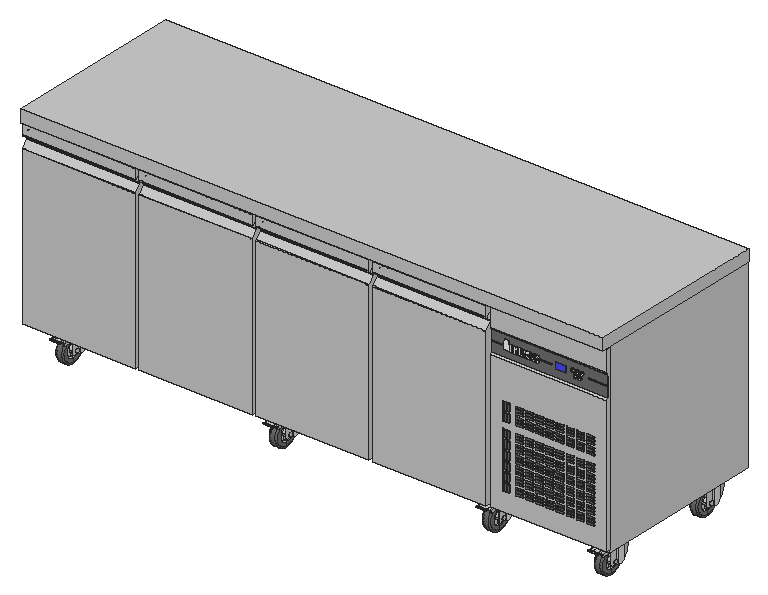
Revit family "QF_INOMAK_PNRP9999_250515103511", category Specialty Equipment, Revit 2021 (continued)
Definition of nested family "QF_INOMAK_REF_COUNTERS_2240_2920"
  Definition of nested family "QF_INOMAK_CONRTOL-PANEL"
    Forms (mm)
      Extrusion 1, solid
        sketch origin (-2240, -700, 0) x (-1, 0, 0) y (0, 0, 1)
          loop
            arc (-2152.4, 210.855) -> (-2155.4, 207.855) -> (-2152.4, 204.855) r 3
            line (-2152.4, 204.855) -> (-2128.4, 204.855)
            arc (-2128.4, 204.855) -> (-2125.4, 207.855) -> (-2128.4, 210.855) r 3
            line (-2128.4, 210.855) -> (-2152.4, 210.855)
          loop
            arc (-2113.4, 210.855) -> (-2116.4, 207.855) -> (-2113.4, 204.855) r 3
            line (-2113.4, 204.855) -> (-2089.4, 204.855)
            arc (-2089.4, 204.855) -> (-2086.4, 207.855) -> (-2089.4, 210.855) r 3
            line (-2089.4, 210.855) -> (-2113.4, 210.855)
          loop
            arc (-2074.4, 210.855) -> (-2077.4, 207.855) -> (-2074.4, 204.855) r 3
            line (-2074.4, 204.855) -> (-2050.4, 204.855)
            arc (-2050.4, 204.855) -> (-2047.4, 207.855) -> (-2050.4, 210.855) r 3
            line (-2050.4, 210.855) -> (-2074.4, 210.855)
          loop
            arc (-2035.4, 210.855) -> (-2038.4, 207.855) -> (-2035.4, 204.855) r 3
            line (-2035.4, 204.855) -> (-2011.4, 204.855)
            arc (-2011.4, 204.855) -> (-2008.4, 207.855) -> (-2011.4, 210.855) r 3
            line (-2011.4, 210.855) -> (-2035.4, 210.855)
          loop
            arc (-1996.4, 210.855) -> (-1999.4, 207.855) -> (-1996.4, 204.855) r 3
            line (-1996.4, 204.855) -> (-1972.4, 204.855)
            arc (-1972.4, 204.855) -> (-1969.4, 207.855) -> (-1972.4, 210.855) r 3
            line (-1972.4, 210.855) -> (-1996.4, 210.855)
          loop
            arc (-1957.4, 210.855) -> (-1960.4, 207.855) -> (-1957.4, 204.855) r 3
            line (-1957.4, 204.855) -> (-1933.4, 204.855)
            arc (-1933.4, 204.855) -> (-1930.4, 207.855) -> (-1933.4, 210.855) r 3
            line (-1933.4, 210.855) -> (-1957.4, 210.855)
          loop
            arc (-1918.4, 210.855) -> (-1921.4, 207.855) -> (-1918.4, 204.855) r 3
            line (-1918.4, 204.855) -> (-1894.4, 204.855)
            arc (-1894.4, 204.855) -> (-1891.4, 207.855) -> (-1894.4, 210.855) r 3
            line (-1894.4, 210.855) -> (-1918.4, 210.855)
          loop
            arc (-2191.4, 199.855) -> (-2194.4, 196.855) -> (-2191.4, 193.855) r 3
            line (-2191.4, 193.855) -> (-2167.4, 193.855)
            arc (-2167.4, 193.855) -> (-2164.4, 196.855) -> (-2167.4, 199.855) r 3
            line (-2167.4, 199.855) -> (-2191.4, 199.855)
          loop
            arc (-2152.4, 199.855) -> (-2155.4, 196.855) -> (-2152.4, 193.855) r 3
            line (-2152.4, 193.855) -> (-2128.4, 193.855)
            arc (-2128.4, 193.855) -> (-2125.4, 196.855) -> (-2128.4, 199.855) r 3
            line (-2128.4, 199.855) -> (-2152.4, 199.855)
          loop
            arc (-2113.4, 199.855) -> (-2116.4, 196.855) -> (-2113.4, 193.855) r 3
            line (-2113.4, 193.855) -> (-2089.4, 193.855)
            arc (-2089.4, 193.855) -> (-2086.4, 196.855) -> (-2089.4, 199.855) r 3
            line (-2089.4, 199.855) -> (-2113.4, 199.855)
          loop
            arc (-2074.4, 199.855) -> (-2077.4, 196.855) -> (-2074.4, 193.855) r 3
            line (-2074.4, 193.855) -> (-2050.4, 193.855)
            arc (-2050.4, 193.855) -> (-2047.4, 196.855) -> (-2050.4, 199.855) r 3
            line (-2050.4, 199.855) -> (-2074.4, 199.855)
          loop
            arc (-2035.4, 199.855) -> (-2038.4, 196.855) -> (-2035.4, 193.855) r 3
            line (-2035.4, 193.855) -> (-2011.4, 193.855)
            arc (-2011.4, 193.855) -> (-2008.4, 196.855) -> (-2011.4, 199.855) r 3
            line (-2011.4, 199.855) -> (-2035.4, 199.855)
          loop
            arc (-1996.4, 199.855) -> (-1999.4, 196.855) -> (-1996.4, 193.855) r 3
            line (-1996.4, 193.855) -> (-1972.4, 193.855)
            arc (-1972.4, 193.855) -> (-1969.4, 196.855) -> (-1972.4, 199.855) r 3
            line (-1972.4, 199.855) -> (-1996.4, 199.855)
          loop
            arc (-1957.4, 199.855) -> (-1960.4, 196.855) -> (-1957.4, 193.855) r 3
            line (-1957.4, 193.855) -> (-1933.4, 193.855)
            arc (-1933.4, 193.855) -> (-1930.4, 196.855) -> (-1933.4, 199.855) r 3
            line (-1933.4, 199.855) -> (-1957.4, 199.855)
          loop
            arc (-1918.4, 199.855) -> (-1921.4, 196.855) -> (-1918.4, 193.855) r 3
            line (-1918.4, 193.855) -> (-1894.4, 193.855)
            arc (-1894.4, 193.855) -> (-1891.4, 196.855) -> (-1894.4, 199.855) r 3
            line (-1894.4, 199.855) -> (-1918.4, 199.855)
          loop
            arc (-2191.4, 184.855) -> (-2194.4, 181.855) -> (-2191.4, 178.855) r 3
            line (-2191.4, 178.855) -> (-2167.4, 178.855)
            arc (-2167.4, 178.855) -> (-2164.4, 181.855) -> (-2167.4, 184.855) r 3
            line (-2167.4, 184.855) -> (-2191.4, 184.855)
          loop
            arc (-2152.4, 184.855) -> (-2155.4, 181.855) -> (-2152.4, 178.855) r 3
            line (-2152.4, 178.855) -> (-2128.4, 178.855)
            arc (-2128.4, 178.855) -> (-2125.4, 181.855) -> (-2128.4, 184.855) r 3
            line (-2128.4, 184.855) -> (-2152.4, 184.855)
          loop
            arc (-2113.4, 184.855) -> (-2116.4, 181.855) -> (-2113.4, 178.855) r 3
            line (-2113.4, 178.855) -> (-2089.4, 178.855)
            arc (-2089.4, 178.855) -> (-2086.4, 181.855) -> (-2089.4, 184.855) r 3
            line (-2089.4, 184.855) -> (-2113.4, 184.855)
          loop
            arc (-2074.4, 184.855) -> (-2077.4, 181.855) -> (-2074.4, 178.855) r 3
            line (-2074.4, 178.855) -> (-2050.4, 178.855)
            arc (-2050.4, 178.855) -> (-2047.4, 181.855) -> (-2050.4, 184.855) r 3
            line (-2050.4, 184.855) -> (-2074.4, 184.855)
          loop
            arc (-2035.4, 184.855) -> (-2038.4, 181.855) -> (-2035.4, 178.855) r 3
            line (-2035.4, 178.855) -> (-2011.4, 178.855)
            arc (-2011.4, 178.855) -> (-2008.4, 181.855) -> (-2011.4, 184.855) r 3
            line (-2011.4, 184.855) -> (-2035.4, 184.855)
          loop
            arc (-1996.4, 184.855) -> (-1999.4, 181.855) -> (-1996.4, 178.855) r 3
            line (-1996.4, 178.855) -> (-1972.4, 178.855)
            arc (-1972.4, 178.855) -> (-1969.4, 181.855) -> (-1972.4, 184.855) r 3
            line (-1972.4, 184.855) -> (-1996.4, 184.855)
          loop
            arc (-1957.4, 184.855) -> (-1960.4, 181.855) -> (-1957.4, 178.855) r 3
            line (-1957.4, 178.855) -> (-1933.4, 178.855)
            arc (-1933.4, 178.855) -> (-1930.4, 181.855) -> (-1933.4, 184.855) r 3
            line (-1933.4, 184.855) -> (-1957.4, 184.855)
          loop
            arc (-1918.4, 184.855) -> (-1921.4, 181.855) -> (-1918.4, 178.855) r 3
            line (-1918.4, 178.855) -> (-1894.4, 178.855)
            arc (-1894.4, 178.855) -> (-1891.4, 181.855) -> (-1894.4, 184.855) r 3
            line (-1894.4, 184.855) -> (-1918.4, 184.855)
          loop
            arc (-2191.4, 173.855) -> (-2194.4, 170.855) -> (-2191.4, 167.855) r 3
            line (-2191.4, 167.855) -> (-2167.4, 167.855)
            arc (-2167.4, 167.855) -> (-2164.4, 170.855) -> (-2167.4, 173.855) r 3
            line (-2167.4, 173.855) -> (-2191.4, 173.855)
          loop
            arc (-2152.4, 173.855) -> (-2155.4, 170.855) -> (-2152.4, 167.855) r 3
            line (-2152.4, 167.855) -> (-2128.4, 167.855)
            arc (-2128.4, 167.855) -> (-2125.4, 170.855) -> (-2128.4, 173.855) r 3
            line (-2128.4, 173.855) -> (-2152.4, 173.855)
          loop
            arc (-2113.4, 173.855) -> (-2116.4, 170.855) -> (-2113.4, 167.855) r 3
            line (-2113.4, 167.855) -> (-2089.4, 167.855)
            arc (-2089.4, 167.855) -> (-2086.4, 170.855) -> (-2089.4, 173.855) r 3
            line (-2089.4, 173.855) -> (-2113.4, 173.855)
          loop
            arc (-2074.4, 173.855) -> (-2077.4, 170.855) -> (-2074.4, 167.855) r 3
            line (-2074.4, 167.855) -> (-2050.4, 167.855)
            arc (-2050.4, 167.855) -> (-2047.4, 170.855) -> (-2050.4, 173.855) r 3
            line (-2050.4, 173.855) -> (-2074.4, 173.855)
          loop
            arc (-2035.4, 173.855) -> (-2038.4, 170.855) -> (-2035.4, 167.855) r 3
            line (-2035.4, 167.855) -> (-2011.4, 167.855)
            arc (-2011.4, 167.855) -> (-2008.4, 170.855) -> (-2011.4, 173.855) r 3
            line (-2011.4, 173.855) -> (-2035.4, 173.855)
          loop
            arc (-1996.4, 173.855) -> (-1999.4, 170.855) -> (-1996.4, 167.855) r 3
            line (-1996.4, 167.855) -> (-1972.4, 167.855)
            arc (-1972.4, 167.855) -> (-1969.4, 170.855) -> (-1972.4, 173.855) r 3
            line (-1972.4, 173.855) -> (-1996.4, 173.855)
          loop
            arc (-1957.4, 173.855) -> (-1960.4, 170.855) -> (-1957.4, 167.855) r 3
            line (-1957.4, 167.855) -> (-1933.4, 167.855)
            arc (-1933.4, 167.855) -> (-1930.4, 170.855) -> (-1933.4, 173.855) r 3
            line (-1933.4, 173.855) -> (-1957.4, 173.855)
          loop
            arc (-1918.4, 173.855) -> (-1921.4, 170.855) -> (-1918.4, 167.855) r 3
            line (-1918.4, 167.855) -> (-1894.4, 167.855)
            arc (-1894.4, 167.855) -> (-1891.4, 170.855) -> (-1894.4, 173.855) r 3
            line (-1894.4, 173.855) -> (-1918.4, 173.855)
          loop
            arc (-2191.4, 162.855) -> (-2194.4, 159.855) -> (-2191.4, 156.855) r 3
            line (-2191.4, 156.855) -> (-2167.4, 156.855)
            arc (-2167.4, 156.855) -> (-2164.4, 159.855) -> (-2167.4, 162.855) r 3
            line (-2167.4, 162.855) -> (-2191.4, 162.855)
          loop
            arc (-2152.4, 162.855) -> (-2155.4, 159.855) -> (-2152.4, 156.855) r 3
            line (-2152.4, 156.855) -> (-2128.4, 156.855)
            arc (-2128.4, 156.855) -> (-2125.4, 159.855) -> (-2128.4, 162.855) r 3
            line (-2128.4, 162.855) -> (-2152.4, 162.855)
          loop
            arc (-2113.4, 162.855) -> (-2116.4, 159.855) -> (-2113.4, 156.855) r 3
            line (-2113.4, 156.855) -> (-2089.4, 156.855)
            arc (-2089.4, 156.855) -> (-2086.4, 159.855) -> (-2089.4, 162.855) r 3
            line (-2089.4, 162.855) -> (-2113.4, 162.855)
          loop
            arc (-2074.4, 162.855) -> (-2077.4, 159.855) -> (-2074.4, 156.855) r 3
            line (-2074.4, 156.855) -> (-2050.4, 156.855)
            arc (-2050.4, 156.855) -> (-2047.4, 159.855) -> (-2050.4, 162.855) r 3
            line (-2050.4, 162.855) -> (-2074.4, 162.855)
          loop
            arc (-2035.4, 162.855) -> (-2038.4, 159.855) -> (-2035.4, 156.855) r 3
            line (-2035.4, 156.855) -> (-2011.4, 156.855)
            arc (-2011.4, 156.855) -> (-2008.4, 159.855) -> (-2011.4, 162.855) r 3
            line (-2011.4, 162.855) -> (-2035.4, 162.855)
          loop
            arc (-1996.4, 162.855) -> (-1999.4, 159.855) -> (-1996.4, 156.855) r 3
            line (-1996.4, 156.855) -> (-1972.4, 156.855)
            arc (-1972.4, 156.855) -> (-1969.4, 159.855) -> (-1972.4, 162.855) r 3
            line (-1972.4, 162.855) -> (-1996.4, 162.855)
          loop
            arc (-1957.4, 162.855) -> (-1960.4, 159.855) -> (-1957.4, 156.855) r 3
            line (-1957.4, 156.855) -> (-1933.4, 156.855)
            arc (-1933.4, 156.855) -> (-1930.4, 159.855) -> (-1933.4, 162.855) r 3
            line (-1933.4, 162.855) -> (-1957.4, 162.855)
          loop
            arc (-1918.4, 162.855) -> (-1921.4, 159.855) -> (-1918.4, 156.855) r 3
            line (-1918.4, 156.855) -> (-1894.4, 156.855)
            arc (-1894.4, 156.855) -> (-1891.4, 159.855) -> (-1894.4, 162.855) r 3
            line (-1894.4, 162.855) -> (-1918.4, 162.855)
          loop
            arc (-2191.4, 147.855) -> (-2194.4, 144.855) -> (-2191.4, 141.855) r 3
            line (-2191.4, 141.855) -> (-2167.4, 141.855)
            arc (-2167.4, 141.855) -> (-2164.4, 144.855) -> (-2167.4, 147.855) r 3
            line (-2167.4, 147.855) -> (-2191.4, 147.855)
          loop
            arc (-2152.4, 147.855) -> (-2155.4, 144.855) -> (-2152.4, 141.855) r 3
            line (-2152.4, 141.855) -> (-2128.4, 141.855)
            arc (-2128.4, 141.855) -> (-2125.4, 144.855) -> (-2128.4, 147.855) r 3
            line (-2128.4, 147.855) -> (-2152.4, 147.855)
          loop
            arc (-2113.4, 147.855) -> (-2116.4, 144.855) -> (-2113.4, 141.855) r 3
            line (-2113.4, 141.855) -> (-2089.4, 141.855)
            arc (-2089.4, 141.855) -> (-2086.4, 144.855) -> (-2089.4, 147.855) r 3
            line (-2089.4, 147.855) -> (-2113.4, 147.855)
          loop
            arc (-2074.4, 147.855) -> (-2077.4, 144.855) -> (-2074.4, 141.855) r 3
            line (-2074.4, 141.855) -> (-2050.4, 141.855)
            arc (-2050.4, 141.855) -> (-2047.4, 144.855) -> (-2050.4, 147.855) r 3
            line (-2050.4, 147.855) -> (-2074.4, 147.855)
          loop
            arc (-2035.4, 147.855) -> (-2038.4, 144.855) -> (-2035.4, 141.855) r 3
            line (-2035.4, 141.855) -> (-2011.4, 141.855)
            arc (-2011.4, 141.855) -> (-2008.4, 144.855) -> (-2011.4, 147.855) r 3
            line (-2011.4, 147.855) -> (-2035.4, 147.855)
          loop
            arc (-1996.4, 147.855) -> (-1999.4, 144.855) -> (-1996.4, 141.855) r 3
            line (-1996.4, 141.855) -> (-1972.4, 141.855)
            arc (-1972.4, 141.855) -> (-1969.4, 144.855) -> (-1972.4, 147.855) r 3
            line (-1972.4, 147.855) -> (-1996.4, 147.855)
          loop
            arc (-1957.4, 147.855) -> (-1960.4, 144.855) -> (-1957.4, 141.855) r 3
            line (-1957.4, 141.855) -> (-1933.4, 141.855)
            arc (-1933.4, 141.855) -> (-1930.4, 144.855) -> (-1933.4, 147.855) r 3
            line (-1933.4, 147.855) -> (-1957.4, 147.855)
          loop
            arc (-1918.4, 147.855) -> (-1921.4, 144.855) -> (-1918.4, 141.855) r 3
            line (-1918.4, 141.855) -> (-1894.4, 141.855)
            arc (-1894.4, 141.855) -> (-1891.4, 144.855) -> (-1894.4, 147.855) r 3
            line (-1894.4, 147.855) -> (-1918.4, 147.855)
          loop
            arc (-2191.4, 136.855) -> (-2194.4, 133.855) -> (-2191.4, 130.855) r 3
            line (-2191.4, 130.855) -> (-2167.4, 130.855)
            arc (-2167.4, 130.855) -> (-2164.4, 133.855) -> (-2167.4, 136.855) r 3
            line (-2167.4, 136.855) -> (-2191.4, 136.855)
          loop
            arc (-2152.4, 136.855) -> (-2155.4, 133.855) -> (-2152.4, 130.855) r 3
            line (-2152.4, 130.855) -> (-2128.4, 130.855)
            arc (-2128.4, 130.855) -> (-2125.4, 133.855) -> (-2128.4, 136.855) r 3
            line (-2128.4, 136.855) -> (-2152.4, 136.855)
          loop
            arc (-2113.4, 136.855) -> (-2116.4, 133.855) -> (-2113.4, 130.855) r 3
            line (-2113.4, 130.855) -> (-2089.4, 130.855)
            arc (-2089.4, 130.855) -> (-2086.4, 133.855) -> (-2089.4, 136.855) r 3
            line (-2089.4, 136.855) -> (-2113.4, 136.855)
          loop
            arc (-2074.4, 136.855) -> (-2077.4, 133.855) -> (-2074.4, 130.855) r 3
            line (-2074.4, 130.855) -> (-2050.4, 130.855)
            arc (-2050.4, 130.855) -> (-2047.4, 133.855) -> (-2050.4, 136.855) r 3
            line (-2050.4, 136.855) -> (-2074.4, 136.855)
          loop
            arc (-2035.4, 136.855) -> (-2038.4, 133.855) -> (-2035.4, 130.855) r 3
            line (-2035.4, 130.855) -> (-2011.4, 130.855)
            arc (-2011.4, 130.855) -> (-2008.4, 133.855) -> (-2011.4, 136.855) r 3
            line (-2011.4, 136.855) -> (-2035.4, 136.855)
          loop
            arc (-1996.4, 136.855) -> (-1999.4, 133.855) -> (-1996.4, 130.855) r 3
            line (-1996.4, 130.855) -> (-1972.4, 130.855)
            arc (-1972.4, 130.855) -> (-1969.4, 133.855) -> (-1972.4, 136.855) r 3
            line (-1972.4, 136.855) -> (-1996.4, 136.855)
          loop
            arc (-1957.4, 136.855) -> (-1960.4, 133.855) -> (-1957.4, 130.855) r 3
            line (-1957.4, 130.855) -> (-1933.4, 130.855)
            arc (-1933.4, 130.855) -> (-1930.4, 133.855) -> (-1933.4, 136.855) r 3
            line (-1933.4, 136.855) -> (-1957.4, 136.855)
          loop
            arc (-1918.4, 136.855) -> (-1921.4, 133.855) -> (-1918.4, 130.855) r 3
            line (-1918.4, 130.855) -> (-1894.4, 130.855)
            arc (-1894.4, 130.855) -> (-1891.4, 133.855) -> (-1894.4, 136.855) r 3
            line (-1894.4, 136.855) -> (-1918.4, 136.855)
          loop
            arc (-2191.4, 125.855) -> (-2194.4, 122.855) -> (-2191.4, 119.855) r 3
            line (-2191.4, 119.855) -> (-2167.4, 119.855)
            arc (-2167.4, 119.855) -> (-2164.4, 122.855) -> (-2167.4, 125.855) r 3
            line (-2167.4, 125.855) -> (-2191.4, 125.855)
          loop
            arc (-2152.4, 125.855) -> (-2155.4, 122.855) -> (-2152.4, 119.855) r 3
            line (-2152.4, 119.855) -> (-2128.4, 119.855)
            arc (-2128.4, 119.855) -> (-2125.4, 122.855) -> (-2128.4, 125.855) r 3
            line (-2128.4, 125.855) -> (-2152.4, 125.855)
          loop
            arc (-2113.4, 125.855) -> (-2116.4, 122.855) -> (-2113.4, 119.855) r 3
            line (-2113.4, 119.855) -> (-2089.4, 119.855)
            arc (-2089.4, 119.855) -> (-2086.4, 122.855) -> (-2089.4, 125.855) r 3
            line (-2089.4, 125.855) -> (-2113.4, 125.855)
          loop
            arc (-2074.4, 125.855) -> (-2077.4, 122.855) -> (-2074.4, 119.855) r 3
            line (-2074.4, 119.855) -> (-2050.4, 119.855)
            arc (-2050.4, 119.855) -> (-2047.4, 122.855) -> (-2050.4, 125.855) r 3
            line (-2050.4, 125.855) -> (-2074.4, 125.855)
          loop
            arc (-2035.4, 125.855) -> (-2038.4, 122.855) -> (-2035.4, 119.855) r 3
            line (-2035.4, 119.855) -> (-2011.4, 119.855)
            arc (-2011.4, 119.855) -> (-2008.4, 122.855) -> (-2011.4, 125.855) r 3
            line (-2011.4, 125.855) -> (-2035.4, 125.855)
          loop
            arc (-1996.4, 125.855) -> (-1999.4, 122.855) -> (-1996.4, 119.855) r 3
            line (-1996.4, 119.855) -> (-1972.4, 119.855)
            arc (-1972.4, 119.855) -> (-1969.4, 122.855) -> (-1972.4, 125.855) r 3
            line (-1972.4, 125.855) -> (-1996.4, 125.855)
          loop
            arc (-1957.4, 125.855) -> (-1960.4, 122.855) -> (-1957.4, 119.855) r 3
            line (-1957.4, 119.855) -> (-1933.4, 119.855)
            arc (-1933.4, 119.855) -> (-1930.4, 122.855) -> (-1933.4, 125.855) r 3
            line (-1933.4, 125.855) -> (-1957.4, 125.855)
          loop
            arc (-1918.4, 125.855) -> (-1921.4, 122.855) -> (-1918.4, 119.855) r 3
            line (-1918.4, 119.855) -> (-1894.4, 119.855)
            arc (-1894.4, 119.855) -> (-1891.4, 122.855) -> (-1894.4, 125.855) r 3
            line (-1894.4, 125.855) -> (-1918.4, 125.855)
          loop
            arc (-2191.4, 110.855) -> (-2194.4, 107.855) -> (-2191.4, 104.855) r 3
            line (-2191.4, 104.855) -> (-2167.4, 104.855)
            arc (-2167.4, 104.855) -> (-2164.4, 107.855) -> (-2167.4, 110.855) r 3
            line (-2167.4, 110.855) -> (-2191.4, 110.855)
          loop
            arc (-2152.4, 110.855) -> (-2155.4, 107.855) -> (-2152.4, 104.855) r 3
            line (-2152.4, 104.855) -> (-2128.4, 104.855)
            arc (-2128.4, 104.855) -> (-2125.4, 107.855) -> (-2128.4, 110.855) r 3
            line (-2128.4, 110.855) -> (-2152.4, 110.855)
          loop
            arc (-2113.4, 110.855) -> (-2116.4, 107.855) -> (-2113.4, 104.855) r 3
            line (-2113.4, 104.855) -> (-2089.4, 104.855)
            arc (-2089.4, 104.855) -> (-2086.4, 107.855) -> (-2089.4, 110.855) r 3
            line (-2089.4, 110.855) -> (-2113.4, 110.855)
          loop
            arc (-2074.4, 110.855) -> (-2077.4, 107.855) -> (-2074.4, 104.855) r 3
            line (-2074.4, 104.855) -> (-2050.4, 104.855)
            arc (-2050.4, 104.855) -> (-2047.4, 107.855) -> (-2050.4, 110.855) r 3
            line (-2050.4, 110.855) -> (-2074.4, 110.855)
          loop
            arc (-2035.4, 110.855) -> (-2038.4, 107.855) -> (-2035.4, 104.855) r 3
            line (-2035.4, 104.855) -> (-2011.4, 104.855)
            arc (-2011.4, 104.855) -> (-2008.4, 107.855) -> (-2011.4, 110.855) r 3
            line (-2011.4, 110.855) -> (-2035.4, 110.855)
          loop
            arc (-1996.4, 110.855) -> (-1999.4, 107.855) -> (-1996.4, 104.855) r 3
            line (-1996.4, 104.855) -> (-1972.4, 104.855)
            arc (-1972.4, 104.855) -> (-1969.4, 107.855) -> (-1972.4, 110.855) r 3
            line (-1972.4, 110.855) -> (-1996.4, 110.855)
          loop
            arc (-1957.4, 110.855) -> (-1960.4, 107.855) -> (-1957.4, 104.855) r 3
            line (-1957.4, 104.855) -> (-1933.4, 104.855)
            arc (-1933.4, 104.855) -> (-1930.4, 107.855) -> (-1933.4, 110.855) r 3
            line (-1933.4, 110.855) -> (-1957.4, 110.855)
          loop
            arc (-1918.4, 110.855) -> (-1921.4, 107.855) -> (-1918.4, 104.855) r 3
            line (-1918.4, 104.855) -> (-1894.4, 104.855)
            arc (-1894.4, 104.855) -> (-1891.4, 107.855) -> (-1894.4, 110.855) r 3
            line (-1894.4, 110.855) -> (-1918.4, 110.855)
          loop
            arc (-2191.4, 99.855) -> (-2194.4, 96.855) -> (-2191.4, 93.855) r 3
            line (-2191.4, 93.855) -> (-2167.4, 93.855)
            arc (-2167.4, 93.855) -> (-2164.4, 96.855) -> (-2167.4, 99.855) r 3
            line (-2167.4, 99.855) -> (-2191.4, 99.855)
          loop
            arc (-2152.4, 99.855) -> (-2155.4, 96.855) -> (-2152.4, 93.855) r 3
            line (-2152.4, 93.855) -> (-2128.4, 93.855)
            arc (-2128.4, 93.855) -> (-2125.4, 96.855) -> (-2128.4, 99.855) r 3
            line (-2128.4, 99.855) -> (-2152.4, 99.855)
          loop
            arc (-2113.4, 99.855) -> (-2116.4, 96.855) -> (-2113.4, 93.855) r 3
            line (-2113.4, 93.855) -> (-2089.4, 93.855)
            arc (-2089.4, 93.855) -> (-2086.4, 96.855) -> (-2089.4, 99.855) r 3
            line (-2089.4, 99.855) -> (-2113.4, 99.855)
          loop
            arc (-2074.4, 99.855) -> (-2077.4, 96.855) -> (-2074.4, 93.855) r 3
            line (-2074.4, 93.855) -> (-2050.4, 93.855)
            arc (-2050.4, 93.855) -> (-2047.4, 96.855) -> (-2050.4, 99.855) r 3
            line (-2050.4, 99.855) -> (-2074.4, 99.855)
          loop
            arc (-2035.4, 99.855) -> (-2038.4, 96.855) -> (-2035.4, 93.855) r 3
            line (-2035.4, 93.855) -> (-2011.4, 93.855)
            arc (-2011.4, 93.855) -> (-2008.4, 96.855) -> (-2011.4, 99.855) r 3
            line (-2011.4, 99.855) -> (-2035.4, 99.855)
          loop
            arc (-1996.4, 99.855) -> (-1999.4, 96.855) -> (-1996.4, 93.855) r 3
            line (-1996.4, 93.855) -> (-1972.4, 93.855)
            arc (-1972.4, 93.855) -> (-1969.4, 96.855) -> (-1972.4, 99.855) r 3
            line (-1972.4, 99.855) -> (-1996.4, 99.855)
          loop
            arc (-1957.4, 99.855) -> (-1960.4, 96.855) -> (-1957.4, 93.855) r 3
            line (-1957.4, 93.855) -> (-1933.4, 93.855)
            arc (-1933.4, 93.855) -> (-1930.4, 96.855) -> (-1933.4, 99.855) r 3
            line (-1933.4, 99.855) -> (-1957.4, 99.855)
          loop
            arc (-1918.4, 99.855) -> (-1921.4, 96.855) -> (-1918.4, 93.855) r 3
            line (-1918.4, 93.855) -> (-1894.4, 93.855)
            arc (-1894.4, 93.855) -> (-1891.4, 96.855) -> (-1894.4, 99.855) r 3
            line (-1894.4, 99.855) -> (-1918.4, 99.855)
          loop
            arc (-2191.4, 88.855) -> (-2194.4, 85.855) -> (-2191.4, 82.855) r 3
            line (-2191.4, 82.855) -> (-2167.4, 82.855)
            arc (-2167.4, 82.855) -> (-2164.4, 85.855) -> (-2167.4, 88.855) r 3
            line (-2167.4, 88.855) -> (-2191.4, 88.855)
          loop
            arc (-2152.4, 88.855) -> (-2155.4, 85.855) -> (-2152.4, 82.855) r 3
            line (-2152.4, 82.855) -> (-2128.4, 82.855)
            arc (-2128.4, 82.855) -> (-2125.4, 85.855) -> (-2128.4, 88.855) r 3
            line (-2128.4, 88.855) -> (-2152.4, 88.855)
          loop
            arc (-2113.4, 88.855) -> (-2116.4, 85.855) -> (-2113.4, 82.855) r 3
            line (-2113.4, 82.855) -> (-2089.4, 82.855)
            arc (-2089.4, 82.855) -> (-2086.4, 85.855) -> (-2089.4, 88.855) r 3
            line (-2089.4, 88.855) -> (-2113.4, 88.855)
          loop
            arc (-2074.4, 88.855) -> (-2077.4, 85.855) -> (-2074.4, 82.855) r 3
            line (-2074.4, 82.855) -> (-2050.4, 82.855)
            arc (-2050.4, 82.855) -> (-2047.4, 85.855) -> (-2050.4, 88.855) r 3
            line (-2050.4, 88.855) -> (-2074.4, 88.855)
          loop
            arc (-2035.4, 88.855) -> (-2038.4, 85.855) -> (-2035.4, 82.855) r 3
            line (-2035.4, 82.855) -> (-2011.4, 82.855)
            arc (-2011.4, 82.855) -> (-2008.4, 85.855) -> (-2011.4, 88.855) r 3
            line (-2011.4, 88.855) -> (-2035.4, 88.855)
          loop
            arc (-1996.4, 88.855) -> (-1999.4, 85.855) -> (-1996.4, 82.855) r 3
            line (-1996.4, 82.855) -> (-1972.4, 82.855)
            arc (-1972.4, 82.855) -> (-1969.4, 85.855) -> (-1972.4, 88.855) r 3
            line (-1972.4, 88.855) -> (-1996.4, 88.855)
          loop
            arc (-1957.4, 88.855) -> (-1960.4, 85.855) -> (-1957.4, 82.855) r 3
            line (-1957.4, 82.855) -> (-1933.4, 82.855)
            arc (-1933.4, 82.855) -> (-1930.4, 85.855) -> (-1933.4, 88.855) r 3
            line (-1933.4, 88.855) -> (-1957.4, 88.855)
          loop
            arc (-1918.4, 88.855) -> (-1921.4, 85.855) -> (-1918.4, 82.855) r 3
            line (-1918.4, 82.855) -> (-1894.4, 82.855)
            arc (-1894.4, 82.855) -> (-1891.4, 85.855) -> (-1894.4, 88.855) r 3
            line (-1894.4, 88.855) -> (-1918.4, 88.855)
          loop
            arc (-1840.4, 387.855) -> (-1843.4, 390.855) -> (-1846.4, 387.855) r 3
            line (-1846.4, 387.855) -> (-1846.4, 363.855)
            arc (-1846.4, 363.855) -> (-1843.4, 360.855) -> (-1840.4, 363.855) r 3
            line (-1840.4, 363.855) -> (-1840.4, 387.855)
          loop
            arc (-1851.4, 387.855) -> (-1854.4, 390.855) -> (-1857.4, 387.855) r 3
            line (-1857.4, 387.855) -> (-1857.4, 363.855)
            arc (-1857.4, 363.855) -> (-1854.4, 360.855) -> (-1851.4, 363.855) r 3
            line (-1851.4, 363.855) -> (-1851.4, 387.855)
          loop
            arc (-1862.4, 387.855) -> (-1865.4, 390.855) -> (-1868.4, 387.855) r 3
            line (-1868.4, 387.855) -> (-1868.4, 363.855)
            arc (-1868.4, 363.855) -> (-1865.4, 360.855) -> (-1862.4, 363.855) r 3
            line (-1862.4, 363.855) -> (-1862.4, 387.855)
          loop
            arc (-1840.4, 350.855) -> (-1843.4, 353.855) -> (-1846.4, 350.855) r 3
            line (-1846.4, 350.855) -> (-1846.4, 326.855)
            arc (-1846.4, 326.855) -> (-1843.4, 323.855) -> (-1840.4, 326.855) r 3
            line (-1840.4, 326.855) -> (-1840.4, 350.855)
          loop
            arc (-1851.4, 350.855) -> (-1854.4, 353.855) -> (-1857.4, 350.855) r 3
            line (-1857.4, 350.855) -> (-1857.4, 326.855)
            arc (-1857.4, 326.855) -> (-1854.4, 323.855) -> (-1851.4, 326.855) r 3
            line (-1851.4, 326.855) -> (-1851.4, 350.855)
          loop
            arc (-1862.4, 350.855) -> (-1865.4, 353.855) -> (-1868.4, 350.855) r 3
            line (-1868.4, 350.855) -> (-1868.4, 326.855)
            arc (-1868.4, 326.855) -> (-1865.4, 323.855) -> (-1862.4, 326.855) r 3
            line (-1862.4, 326.855) -> (-1862.4, 350.855)
          loop
            arc (-1840.4, 293.855) -> (-1843.4, 296.855) -> (-1846.4, 293.855) r 3
            line (-1846.4, 293.855) -> (-1846.4, 269.855)
            arc (-1846.4, 269.855) -> (-1843.4, 266.855) -> (-1840.4, 269.855) r 3
            line (-1840.4, 269.855) -> (-1840.4, 293.855)
          loop
            arc (-1851.4, 293.855) -> (-1854.4, 296.855) -> (-1857.4, 293.855) r 3
            line (-1857.4, 293.855) -> (-1857.4, 269.855)
            arc (-1857.4, 269.855) -> (-1854.4, 266.855) -> (-1851.4, 269.855) r 3
            line (-1851.4, 269.855) -> (-1851.4, 293.855)
          loop
            arc (-1862.4, 293.855) -> (-1865.4, 296.855) -> (-1868.4, 293.855) r 3
            line (-1868.4, 293.855) -> (-1868.4, 269.855)
            arc (-1868.4, 269.855) -> (-1865.4, 266.855) -> (-1862.4, 269.855) r 3
            line (-1862.4, 269.855) -> (-1862.4, 293.855)
          loop
            arc (-1840.4, 256.855) -> (-1843.4, 259.855) -> (-1846.4, 256.855) r 3
            line (-1846.4, 256.855) -> (-1846.4, 232.855)
            arc (-1846.4, 232.855) -> (-1843.4, 229.855) -> (-1840.4, 232.855) r 3
            line (-1840.4, 232.855) -> (-1840.4, 256.855)
          loop
            arc (-1851.4, 256.855) -> (-1854.4, 259.855) -> (-1857.4, 256.855) r 3
            line (-1857.4, 256.855) -> (-1857.4, 232.855)
            arc (-1857.4, 232.855) -> (-1854.4, 229.855) -> (-1851.4, 232.855) r 3
            line (-1851.4, 232.855) -> (-1851.4, 256.855)
          loop
            arc (-1862.4, 256.855) -> (-1865.4, 259.855) -> (-1868.4, 256.855) r 3
            line (-1868.4, 256.855) -> (-1868.4, 232.855)
            arc (-1868.4, 232.855) -> (-1865.4, 229.855) -> (-1862.4, 232.855) r 3
            line (-1862.4, 232.855) -> (-1862.4, 256.855)
          loop
            arc (-1840.4, 219.855) -> (-1843.4, 222.855) -> (-1846.4, 219.855) r 3
            line (-1846.4, 219.855) -> (-1846.4, 195.855)
            arc (-1846.4, 195.855) -> (-1843.4, 192.855) -> (-1840.4, 195.855) r 3
            line (-1840.4, 195.855) -> (-1840.4, 219.855)
          loop
            arc (-1851.4, 219.855) -> (-1854.4, 222.855) -> (-1857.4, 219.855) r 3
            line (-1857.4, 219.855) -> (-1857.4, 195.855)
            arc (-1857.4, 195.855) -> (-1854.4, 192.855) -> (-1851.4, 195.855) r 3
            line (-1851.4, 195.855) -> (-1851.4, 219.855)
          loop
            arc (-1862.4, 219.855) -> (-1865.4, 222.855) -> (-1868.4, 219.855) r 3
            line (-1868.4, 219.855) -> (-1868.4, 195.855)
            arc (-1868.4, 195.855) -> (-1865.4, 192.855) -> (-1862.4, 195.855) r 3
            line (-1862.4, 195.855) -> (-1862.4, 219.855)
          loop
            arc (-1840.4, 182.855) -> (-1843.4, 185.855) -> (-1846.4, 182.855) r 3
            line (-1846.4, 182.855) -> (-1846.4, 158.855)
            arc (-1846.4, 158.855) -> (-1843.4, 155.855) -> (-1840.4, 158.855) r 3
            line (-1840.4, 158.855) -> (-1840.4, 182.855)
          loop
            arc (-1851.4, 182.855) -> (-1854.4, 185.855) -> (-1857.4, 182.855) r 3
            line (-1857.4, 182.855) -> (-1857.4, 158.855)
            arc (-1857.4, 158.855) -> (-1854.4, 155.855) -> (-1851.4, 158.855) r 3
            line (-1851.4, 158.855) -> (-1851.4, 182.855)
          loop
            arc (-1862.4, 182.855) -> (-1865.4, 185.855) -> (-1868.4, 182.855) r 3
            line (-1868.4, 182.855) -> (-1868.4, 158.855)
            arc (-1868.4, 158.855) -> (-1865.4, 155.855) -> (-1862.4, 158.855) r 3
            line (-1862.4, 158.855) -> (-1862.4, 182.855)
          loop
            arc (-1840.4, 145.855) -> (-1843.4, 148.855) -> (-1846.4, 145.855) r 3
            line (-1846.4, 145.855) -> (-1846.4, 121.855)
            arc (-1846.4, 121.855) -> (-1843.4, 118.855) -> (-1840.4, 121.855) r 3
            line (-1840.4, 121.855) -> (-1840.4, 145.855)
          loop
            arc (-1851.4, 145.855) -> (-1854.4, 148.855) -> (-1857.4, 145.855) r 3
            line (-1857.4, 145.855) -> (-1857.4, 121.855)
            arc (-1857.4, 121.855) -> (-1854.4, 118.855) -> (-1851.4, 121.855) r 3
            line (-1851.4, 121.855) -> (-1851.4, 145.855)
          loop
            arc (-1862.4, 145.855) -> (-1865.4, 148.855) -> (-1868.4, 145.855) r 3
            line (-1868.4, 145.855) -> (-1868.4, 121.855)
            arc (-1868.4, 121.855) -> (-1865.4, 118.855) -> (-1862.4, 121.855) r 3
            line (-1862.4, 121.855) -> (-1862.4, 145.855)
          loop
            arc (-1840.4, 108.855) -> (-1843.4, 111.855) -> (-1846.4, 108.855) r 3
            line (-1846.4, 108.855) -> (-1846.4, 84.855)
            arc (-1846.4, 84.855) -> (-1843.4, 81.855) -> (-1840.4, 84.855) r 3
            line (-1840.4, 84.855) -> (-1840.4, 108.855)
          loop
            arc (-1851.4, 108.855) -> (-1854.4, 111.855) -> (-1857.4, 108.855) r 3
            line (-1857.4, 108.855) -> (-1857.4, 84.855)
            arc (-1857.4, 84.855) -> (-1854.4, 81.855) -> (-1851.4, 84.855) r 3
            line (-1851.4, 84.855) -> (-1851.4, 108.855)
          loop
            arc (-1862.4, 108.855) -> (-1865.4, 111.855) -> (-1868.4, 108.855) r 3
            line (-1868.4, 108.855) -> (-1868.4, 84.855)
            arc (-1868.4, 84.855) -> (-1865.4, 81.855) -> (-1862.4, 84.855) r 3
            line (-1862.4, 84.855) -> (-1862.4, 108.855)
        from 16.5 to 19
    Dimensions and locks
      "Length": plane 3 "Left" to plane 4 "Right"
      "Depth": plane 5 "Front" to plane 1 "Back"
      "Front offset": plane 7 "Front offset" to plane 5 "Front"
      "Height": plane 6 "Top" to plane 2
      aligned and locked: level to plane 2
    Automatic sketch dimensions
      plane 4 "Right" to Extrusion 1 sketch curve = 48.6 mm  (x3)
      Extrusion 1 sketch curve to Extrusion 1 sketch curve = 0 mm  (x322)
      Extrusion 1 sketch curve to Extrusion 1 sketch curve = 24 mm  (x53)
      Extrusion 1 sketch curve to Extrusion 1 sketch curve = 15 mm  (x52)
      Extrusion 1 sketch curve to Extrusion 1 sketch curve = 26 mm  (x7)
      Extrusion 1 sketch curve to Extrusion 1 sketch curve = 3 mm  (x216)
      Extrusion 1 sketch curve to Extrusion 1 sketch curve = 5 mm  (x144)
      level to Extrusion 1 sketch curve = 82.855 mm  (x2)
      Extrusion 1 sketch curve to Extrusion 1 sketch curve = 2 mm
      Extrusion 1 sketch curve to Extrusion 1 sketch curve = 9 mm  (x48)
      Extrusion 1 sketch curve to Extrusion 1 sketch curve = 13 mm  (x9)
      Extrusion 1 sketch curve to Extrusion 1 sketch curve = 29 mm  (x6)
      Extrusion 1 sketch curve to Extrusion 1 sketch curve = 33 mm
Definition of nested family "QF_INOMAK_REF_COUNTERS_DOORS_DRAWERS_6956"
  Parameters (values of type "DR-LX-710")
    Weight [instance] = 0.00 kg
    Warranty Start Date [instance] = ""
    Warranty Duration [instance] = ""
    URL Cutsheet [instance] = ""
    URL = "www.inomak.com"
    Top inset [instance] = 10 mm
    Technical Documentation [instance] = ""
    Tag Number [instance] = ""
    Status [instance] = ""
    Specification by User [instance] = ""
    Specification by Manufacturer [instance] = ""
    Sound Level [instance] = ""
    Solid Fuel Type [instance] = ""
    Show Logo [instance] = yes
    Show Clearances [instance] = yes
    Service Life Duration [instance] = ""
    Serial Number [instance] = ""
    Seismic Rating [instance] = ""
    SMACNA No [instance] = ""
    Right panel thickness [instance] = 0 mm
    Revision Code [instance] = ""
    Revision [instance] = ""
    Rear inset [instance] = 0 mm
    Production Year [instance] = ""
    Point Load [instance] = 0
    Plinth height [instance] = 0 mm
    Other Equipment Approvals [instance] = ""
    NAFEM Spec ID Number [instance] = ""
    Model Warning [instance] = ""
    Model = "DR-LX-710"
    Masterspec [instance] = ""
    Manufacturer = "INOMAK"
    Length Actual [instance] = 435 mm
    Left panel thickness [instance] = 0 mm
    Item Number [instance] = ""
    Installed By [instance] = ""
    Installation Date [instance] = ""
    Identify Quantity as Lot [instance] = yes
    ID [instance] = ""
    Hygiene Approval [instance] = ""
    Height Actual [instance] = 710 mm
    Furnished By [instance] = ""
    Front inset [instance] = 10 mm
    Foodservice Equipment Identifier [instance] = yes
    Finish [instance] = none
    ETL Approved [instance] = yes
    Doors drawers type [instance] = 8
    Description = "LEFT HINGED DOOR"
    Depth Actual [instance] = 700 mm
    Default Elevation = 0 mm
    CSI MasterFormat [instance] = ""
    CE Approved [instance] = yes
    Bottom inset [instance] = 10 mm
    Barcode [instance] = ""
    Author [instance] = ""
    Asset Identifier [instance] = ""
    Assembly Code = "E1090320"
    Accessory [instance] = yes
  Types (9, lengths in mm): name | Model | Height Actual | Doors drawers type | Description
    DW-2-710 | "DW-2-710" | 710 | 4 | "2 X GN 1/2 DRAWERS"
    DR-LX-710 | "DR-LX-710" | 710 | 8 | "LEFT HINGED DOOR"
    DR-RX-710 | "DR-RX-710" | 710 | 9 | "RIGHT HINGED DOOR"
    DW-3-710 | "DW-3-710" | 710 | 6 | "3 X GN 1/3 DRAWERS"
    DW-B-710 | "DW-B-710" | 710 | 5 | "1 X GN 1/3 & 1 X GN 2/3 DRAWERS"
    DW-2-483 | "DW-2-483" | 483 | 4 | "2 X GN 1/3 DRAWERS"
    DR-LX-483 | "DR-LX-483" | 483 | 8 | "LEFT HINGED DOOR"
    DR-RX-483 | "DR-RX-483" | 483 | 9 | "RIGHT HINGED DOOR"
    DW-1-483 | "DW-1-483" | 483 | 10 | "1 X GN 2/3 DRAWER"
  Reference planes
    plane 1 "Front": y = 0
    plane 2: z = 0
    plane 3 "Left": x = 0
    plane 4 "Right": x = 435
    plane 5 "Back": y = 700
    plane 6 "Top": z = 710
    plane 7 "Bottom shelf": z = 0
    plane 8: z = 700
    plane 9: z = 10
    plane 10: x = 0
    plane 11: x = 435
    plane 12 "Center Top Bottom": z = 355
  Lines and regions (mm)
    reference lines
      curve 1: line (0, 0, 355) -> (0, 25, 355)
      curve 2: line (435, 0, 355) -> (435, 25, 355)
      curve 3: line (0, 700, 355) -> (435, 700, 355)
      curve 4: line (0, 0, 355) -> (435, 0, 355)
  Dimensions and locks
    "Length Actual": plane 3 "Left" to plane 4 "Right"
    "Depth Actual": plane 1 "Front" to plane 5 "Back"
    "Height Actual": plane 6 "Top" to plane 7 "Bottom shelf"
    "Plinth height": plane 7 "Bottom shelf" to plane 2
    "Top inset": plane 6 "Top" to plane 8
    "Bottom inset": plane 9 to plane 7 "Bottom shelf"
    "Left panel thickness": plane 3 "Left" to plane 10
    "Right panel thickness": plane 11 to plane 4 "Right"
    equal spacing: plane 6 "Top", plane 12 "Center Top Bottom", plane 7 "Bottom shelf"
    "Length Actual": curve 1 to plane 4 "Right"
    "Length Actual": plane 3 "Left" to curve 2
    "Depth Actual": plane 1 "Front" to curve 3
    "Depth Actual": plane 5 "Back" to curve 4
    aligned and locked: level to plane 2
    aligned and locked: plane 3 "Left" to nested 1
    aligned and locked: plane 3 "Left" to nested 2
    aligned and locked: plane 3 "Left" to nested 3
    aligned and locked: plane 3 "Left" to nested 4
    aligned and locked: plane 3 "Left" to nested 5
    aligned and locked: plane 3 "Left" to nested 6
    aligned and locked: plane 3 "Left" to nested 7
    aligned and locked: plane 3 "Left" to nested 8
    aligned and locked: plane 3 "Left" to nested 9
    aligned and locked: nested 4 to plane 1 "Front"
    aligned and locked: nested 6 to plane 1 "Front"
    aligned and locked: nested 8 to plane 1 "Front"
    aligned and locked: nested 5 to plane 1 "Front"
    aligned and locked: nested 3 to plane 1 "Front"
    aligned and locked: nested 7 to plane 1 "Front"
    aligned and locked: nested 2 to plane 1 "Front"
    aligned and locked: nested 1 to plane 1 "Front"
    aligned and locked: nested 9 to plane 1 "Front"
  Automatic sketch dimensions
    curve 3 to plane 4 "Right" = 0 mm
    curve 3 to plane 3 "Left" = 0 mm
    curve 2 to curve 2 = 25 mm
    curve 1 to curve 1 = 25 mm
  Nested families
    nested 1: "Right_Door" at (0, 700, 0), Depth Actual <- "Depth Actual", Height Actual <- "Height Actual", Length Actual <- "Length Actual", Front inset <- "Front inset", Rear inset <- "Rear inset", Left panel thickness <- "Left panel thickness", Right panel thickness <- "Right panel thickness", Doors drawers type <- "Doors drawers type", Plinth height <- "Plinth height", Top inset <- "Top inset", Bottom inset <- "Bottom inset", type "Right door"
      with Top inset 10 mm, Right panel thickness 0 mm, Right hand hinged door no, Rear inset 0 mm, Plinth height 0 mm, Length Actual 435 mm, Left panel thickness 0 mm, Height Actual 710 mm, Front inset 10 mm, Doors drawers type 8, Depth Actual 700 mm, Bottom inset 10 mm
    nested 2: "Left_Door" at (0, 700, 0), Depth Actual <- "Depth Actual", Height Actual <- "Height Actual", Length Actual <- "Length Actual", Front inset <- "Front inset", Rear inset <- "Rear inset", Left panel thickness <- "Left panel thickness", Right panel thickness <- "Right panel thickness", Doors drawers type <- "Doors drawers type", Plinth height <- "Plinth height", Top inset <- "Top inset", Bottom inset <- "Bottom inset", type "Left door"
      with Top inset 10 mm, Right panel thickness 0 mm, Rear inset 0 mm, Plinth height 0 mm, Length Actual 435 mm, Left panel thickness 0 mm, Left hand hinged door yes, Height Actual 710 mm, Front inset 10 mm, Doors drawers type 8, Depth Actual 700 mm, Bottom inset 10 mm
    nested 3: "3_Drawers_1-3" at (0, 700, 0), Depth Actual <- "Depth Actual", Height Actual <- "Height Actual", Length Actual <- "Length Actual", Front inset <- "Front inset", Rear inset <- "Rear inset", Left panel thickness <- "Left panel thickness", Right panel thickness <- "Right panel thickness", Doors drawers type <- "Doors drawers type", Plinth height <- "Plinth height", Top inset <- "Top inset", Bottom inset <- "Bottom inset", type "3 Drawers 1-3"
      with Top inset 10 mm, Right panel thickness 0 mm, Rear inset 0 mm, Plinth height 0 mm, Length Actual 435 mm, Left panel thickness 0 mm, Height Actual 710 mm, Front inset 10 mm, Doors drawers type 8, Depth Actual 700 mm, Bottom inset 10 mm, 3 Drawers no
    nested 4: "2_Drawers_1-2" at (0, 700, 0), Depth Actual <- "Depth Actual", Height Actual <- "Height Actual", Length Actual <- "Length Actual", Front inset <- "Front inset", Rear inset <- "Rear inset", Left panel thickness <- "Left panel thickness", Right panel thickness <- "Right panel thickness", Doors drawers type <- "Doors drawers type", Plinth height <- "Plinth height", Top inset <- "Top inset", Bottom inset <- "Bottom inset", type "2 Drawers 1-2"
      with Top inset 10 mm, Right panel thickness 0 mm, Rear inset 0 mm, Plinth height 0 mm, Length Actual 435 mm, Left panel thickness 0 mm, Height Actual 710 mm, Front inset 10 mm, Doors drawers type 8, Depth Actual 700 mm, Bottom inset 10 mm, 2 Drawers no
    nested 5: "2_Drawers_1-3_2-3" at (0, 700, 0), Depth Actual <- "Depth Actual", Height Actual <- "Height Actual", Length Actual <- "Length Actual", Front inset <- "Front inset", Rear inset <- "Rear inset", Left panel thickness <- "Left panel thickness", Right panel thickness <- "Right panel thickness", Doors drawers type <- "Doors drawers type", Plinth height <- "Plinth height", Top inset <- "Top inset", Bottom inset <- "Bottom inset", type "2 Drawers 1-3 and 2-3"
      with Top inset 10 mm, Right panel thickness 0 mm, Rear inset 0 mm, Plinth height 0 mm, Length Actual 435 mm, Left panel thickness 0 mm, Height Actual 710 mm, Front inset 10 mm, Doors drawers type 8, Depth Actual 700 mm, Bottom inset 10 mm, 2 Drawers 1-3 and 2-3 no
    nested 6: "Sliding_Doors" at (0, 700, 0), Depth Actual <- "Depth Actual", Height Actual <- "Height Actual", Length Actual <- "Length Actual", Front inset <- "Front inset", Rear inset <- "Rear inset", Left panel thickness <- "Left panel thickness", Right panel thickness <- "Right panel thickness", Doors drawers type <- "Doors drawers type", Plinth height <- "Plinth height", Top inset <- "Top inset", Bottom inset <- "Bottom inset", Finish <- "Finish", type "Sliding doors"
      with Top inset 10 mm, Sliding doors no, Right panel thickness 0 mm, Rear inset 0 mm, Plinth height 0 mm, Length Actual 435 mm, Left panel thickness 0 mm, Height Actual 710 mm, Front inset 10 mm, Finish none, Doors drawers type 8, Depth Actual 700 mm, Bottom inset 10 mm
    nested 7: "4_Drawers_1-4" at (0, 700, 0), Depth Actual <- "Depth Actual", Height Actual <- "Height Actual", Length Actual <- "Length Actual", Front inset <- "Front inset", Rear inset <- "Rear inset", Left panel thickness <- "Left panel thickness", Right panel thickness <- "Right panel thickness", Doors drawers type <- "Doors drawers type", Plinth height <- "Plinth height", Top inset <- "Top inset", Bottom inset <- "Bottom inset", Finish <- "Finish", type "4 Drawers 1-4"
      with Top inset 10 mm, Right panel thickness 0 mm, Rear inset 0 mm, Plinth height 0 mm, Length Actual 435 mm, Left panel thickness 0 mm, Height Actual 710 mm, Front inset 10 mm, Finish none, Doors drawers type 8, Depth Actual 700 mm, Bottom inset 10 mm, 4 Drawers no
    nested 8: "Hinged_Doors" at (0, 700, 0), Length Actual <- "Length Actual", Depth Actual <- "Depth Actual", Height Actual <- "Height Actual", Front inset <- "Front inset", Rear inset <- "Rear inset", Left panel thickness <- "Left panel thickness", Right panel thickness <- "Right panel thickness", Doors drawers type <- "Doors drawers type", Plinth height <- "Plinth height", Top inset <- "Top inset", Bottom inset <- "Bottom inset", Finish <- "Finish", type "Hinged doors"
      with Top inset 10 mm, Right panel thickness 0 mm, Rear inset 0 mm, Plinth height 0 mm, Length Actual 435 mm, Left panel thickness 0 mm, Hinged doors no, Height Actual 710 mm, Front inset 10 mm, Finish none, Doors drawers type 8, Depth Actual 700 mm, Bottom inset 10 mm
    nested 9: "Hopper" at (0, 700, 1.284), Length Actual <- "Length Actual", Depth Actual <- "Depth Actual", Height Actual <- "Height Actual", Front inset <- "Front inset", Rear inset <- "Rear inset", Left panel thickness <- "Left panel thickness", Right panel thickness <- "Right panel thickness", Doors drawers type <- "Doors drawers type", Plinth height <- "Plinth height", Top inset <- "Top inset", Bottom inset <- "Bottom inset", Finish <- "Finish", type "Hopper"
      with Top inset 10 mm, Right panel thickness 0 mm, Rear inset 0 mm, Plinth height 0 mm, Length Actual 435 mm, Left panel thickness 0 mm, Hopper no, Height Actual 710 mm, Front inset 10 mm, Finish none, Doors drawers type 8, Depth Actual 700 mm, Bottom inset 10 mm
  Definition of nested family "Left_Door"
    Parameters (values of type "Left door")
      URL = "www.specifiglobal.com"
      Top inset [instance] = 10 mm
      Right panel thickness [instance] = 0 mm
      Rear inset [instance] = 0 mm
      Plinth height [instance] = 150 mm
      Model = ""
      Manufacturer = "DEMO CONSULTANT"
      Length Actual [instance] = 700 mm
      Left panel thickness [instance] = 0 mm
      Left hand hinged door [instance] = Doors drawers type = 8  # yes
      Height Actual [instance] = 710 mm
      Front inset [instance] = 10 mm
      Finish = none
      Doors drawers type [instance] = 8
      Description = ""
      Depth Actual [instance] = 700 mm
      Default Elevation = 0 mm
      Bottom inset [instance] = 0 mm
      Assembly Code = "E1090320"
    Reference planes
      plane 1 "Back": y = 0
      plane 2: z = 0
      plane 3 "Left": x = 0
      plane 4 "Right": x = 700
      plane 5 "Front": y = -700
      plane 6 "Top": z = 860
      plane 7 "Front legs": y = -690
      plane 8 "Legs top": z = 150
      plane 9 "Backsplash thickness": y = 0
      plane 10 "Left panel": x = 0
      plane 11 "Right panel": x = 700
      plane 12: z = 850
      plane 13: z = 150
    Forms (mm)
      Extrusion 1, solid, material <- "Finish", visible <- "Left hand hinged door"
        sketch origin (0, 0, 0) x (0, -1, 0) y (0, 0, 1)
          loop
            line (690, 150) -> (690, 764.365)
            arc (690, 764.365) -> (689.866, 765.037) -> (689.485, 765.607) r 1.757
            line (689.485, 765.607) -> (666.663, 788.429)
            arc (666.663, 788.429) -> (665.976, 789.458) -> (665.734, 790.672) r 3.172
            line (665.734, 790.672) -> (665.734, 817.576)
            arc (665.734, 817.576) -> (666.433, 819.262) -> (668.119, 819.961) r 2.385
            line (668.119, 819.961) -> (680.029, 819.961) -> (686.544, 810.657)
            arc (686.544, 810.657) -> (688.671, 809.935) -> (690, 811.747) r 1.9
            line (690, 811.747) -> (690, 850) -> (648, 850) -> (648, 150) -> (690, 150)
        from 0 to -700
      Extrusion 2, solid, visible <- "Left hand hinged door", detail levels coarse
        sketch origin (0, -700, 150) x (-1, 0, 0) y (0, 1, 0)
          loop
            arc (-700, 10) -> (-495.871, -481.066) -> (0, -673.23) r 677.11
            line (0, -673.23) -> (0, 10) -> (-700, 10)
        from 0 to -700
    Lines and regions (mm)
      symbolic lines, visible <- "Left hand hinged door"
        curve 1: line (0, -700, 150) -> (0, -1373.247, 150)
        curve 2: arc (0, -1373.247, 150) -> (492.316, -1184.595, 150) -> (700, -700, 150) r 676.963
    Dimensions and locks
      "Length Actual": plane 3 "Left" to plane 4 "Right"
      "Depth Actual": plane 5 "Front" to plane 1 "Back"
      "Height Actual": plane 6 "Top" to plane 8 "Legs top"
      "Front inset": plane 7 "Front legs" to plane 5 "Front"
      "Plinth height": plane 8 "Legs top" to plane 2
      "Rear inset": plane 9 "Backsplash thickness" to plane 1 "Back"
      "Right panel thickness": plane 11 "Right panel" to plane 4 "Right"
      "Left panel thickness": plane 3 "Left" to plane 10 "Left panel"
      "Top inset": plane 6 "Top" to plane 12
      "Bottom inset": plane 13 to plane 8 "Legs top"
      aligned and locked: level to plane 2
      aligned and locked: Extrusion 1 to plane 11 "Right panel"
      aligned and locked: plane 10 "Left panel" to Extrusion 2 sketch curve
      aligned and locked: plane 11 "Right panel" to Extrusion 2 sketch curve
      aligned and locked: Extrusion 2 sketch curve to plane 10 "Left panel"
      aligned and locked: plane 7 "Front legs" to Extrusion 2 sketch curve
      aligned and locked: plane 7 "Front legs" to Extrusion 2
      aligned and locked: plane 10 "Left panel" to Extrusion 2
      aligned and locked: Extrusion 2 to plane 12
      aligned and locked: Extrusion 1 sketch curve to plane 13
      aligned and locked: Extrusion 1 sketch curve to plane 7 "Front legs"
      aligned and locked: Extrusion 1 sketch curve to plane 12
    Automatic sketch dimensions
      Extrusion 1 sketch curve to Extrusion 1 sketch curve = 1.556 mm
      Extrusion 1 sketch curve to Extrusion 1 sketch curve = 11.91 mm
      Extrusion 1 sketch curve to Extrusion 1 sketch curve = 2.243 mm
      Extrusion 1 sketch curve to Extrusion 1 sketch curve = 2.385 mm
      Extrusion 1 sketch curve to Extrusion 1 sketch curve = 20.119 mm
      Extrusion 1 sketch curve to Extrusion 1 sketch curve = 22.822 mm
      Extrusion 1 sketch curve to Extrusion 1 sketch curve = 19.985 mm
      Extrusion 1 sketch curve to Extrusion 1 sketch curve = 6.919 mm
      Extrusion 1 sketch curve to Extrusion 1 sketch curve = 30.039 mm
      plane 7 "Front legs" to Extrusion 1 sketch curve = 42 mm
      Extrusion 1 sketch curve to Extrusion 1 sketch curve = 0.929 mm
      Extrusion 1 sketch curve to Extrusion 1 sketch curve = 6.515 mm
      Extrusion 1 sketch curve to Extrusion 1 sketch curve = 1.242 mm
      Extrusion 1 sketch curve to Extrusion 1 sketch curve = 1.9 mm
      Extrusion 1 sketch curve to Extrusion 1 sketch curve = 0.515 mm
      plane 5 "Front" to Extrusion 2 sketch curve = 3.492 mm
      plane 3 "Left" to Extrusion 2 sketch curve = 22.921 mm
      curve 1 to plane 3 "Left" = 0 mm
      curve 2 to plane 4 "Right" = 0 mm
      curve 2 to plane 5 "Front" = 0 mm
      curve 1 to plane 5 "Front" = 0 mm
      plane 5 "Front" to curve 2 = 3.324 mm
      plane 3 "Left" to curve 2 = 23.045 mm
  Definition of nested family "Right_Door"
    Parameters (values of type "Right door")
      URL = "www.specifiglobal.com"
      Top inset [instance] = 4 mm
      Right panel thickness [instance] = 35 mm
      Right hand hinged door [instance] = Doors drawers type = 9  # yes
      Rear inset [instance] = 10 mm
      Plinth height [instance] = 150 mm
      Model = ""
      Manufacturer = "DEMO CONSULTANT"
      Length Actual [instance] = 1700 mm
      Left panel thickness [instance] = 35 mm
      Height Actual [instance] = 900 mm
      Front inset [instance] = 10 mm
      Finish = none
      Doors drawers type [instance] = 9
      Description = ""
      Depth Actual [instance] = 700 mm
      Default Elevation = 0 mm
      Bottom inset [instance] = 4 mm
      Assembly Code = "E1090320"
    Reference planes
      plane 1 "Back": y = 0
      plane 2: z = 0
      plane 3 "Left": x = 0
      plane 4 "Right": x = 1700
      plane 5 "Front": y = -700
      plane 6 "Top": z = 1050
      plane 7 "Front legs": y = -690
      plane 8 "Legs top": z = 150
      plane 9 "Backsplash thickness": y = -10
      plane 10 "Left panel": x = 35
      plane 11 "Right panel": x = 1665
      plane 12: z = 1046
      plane 13: z = 154
    Forms (mm)
      Extrusion 1, solid, material <- "Finish", visible <- "Right hand hinged door"
        sketch origin (35, 0, 0) x (0, -1, 0) y (0, 0, 1)
          loop
            line (690, 154) -> (690, 960.365)
            arc (690, 960.365) -> (689.866, 961.037) -> (689.485, 961.607) r 1.757
            line (689.485, 961.607) -> (666.663, 984.429)
            arc (666.663, 984.429) -> (665.976, 985.458) -> (665.734, 986.672) r 3.172
            line (665.734, 986.672) -> (665.734, 1013.576)
            arc (665.734, 1013.576) -> (666.433, 1015.262) -> (668.119, 1015.961) r 2.385
            line (668.119, 1015.961) -> (680.029, 1015.961) -> (686.544, 1006.657)
            arc (686.544, 1006.657) -> (688.671, 1005.935) -> (690, 1007.747) r 1.9
            line (690, 1007.747) -> (690, 1046) -> (648, 1046) -> (648, 154) -> (690, 154)
        from 0 to -1630
      Extrusion 2, solid, visible <- "Right hand hinged door", detail levels coarse
        sketch origin (0, -700, 154) x (-1, 0, 0) y (0, 1, 0)
          loop
            line (-1665, 10) -> (-1665, -1637.12)
            arc (-1665, -1637.12) -> (-517.894, -1142.214) -> (-35, 10) r 1670.236
            line (-35, 10) -> (-1665, 10)
        from 0 to -892
    Lines and regions (mm)
      symbolic lines, visible <- "Right hand hinged door"
        curve 1: line (1665, -2337.12, 150) -> (1665, -700, 150)
        curve 2: arc (1665, -2337.12, 150) -> (521.415, -1845.762, 150) -> (35.165, -699.995, 150) r 1670.236
    Dimensions and locks
      "Length Actual": plane 3 "Left" to plane 4 "Right"
      "Depth Actual": plane 5 "Front" to plane 1 "Back"
      "Height Actual": plane 6 "Top" to plane 8 "Legs top"
      "Front inset": plane 7 "Front legs" to plane 5 "Front"
      "Plinth height": plane 8 "Legs top" to plane 2
      "Rear inset": plane 9 "Backsplash thickness" to plane 1 "Back"
      "Right panel thickness": plane 11 "Right panel" to plane 4 "Right"
      "Left panel thickness": plane 3 "Left" to plane 10 "Left panel"
      "Top inset": plane 6 "Top" to plane 12
      "Bottom inset": plane 13 to plane 8 "Legs top"
      aligned and locked: level to plane 2
      aligned and locked: Extrusion 1 to plane 11 "Right panel"
      aligned and locked: plane 10 "Left panel" to Extrusion 2 sketch curve
      aligned and locked: plane 11 "Right panel" to Extrusion 2 sketch curve
      aligned and locked: plane 7 "Front legs" to Extrusion 2
      aligned and locked: plane 7 "Front legs" to Extrusion 2 sketch curve
      aligned and locked: Extrusion 2 sketch curve to plane 11 "Right panel"
      aligned and locked: curve 1 to Extrusion 2
      aligned and locked: plane 5 "Front" to curve 1
      aligned and locked: Extrusion 2 to plane 12
      aligned and locked: Extrusion 1 sketch curve to plane 12
      aligned and locked: Extrusion 1 sketch curve to plane 7 "Front legs"
      aligned and locked: Extrusion 1 sketch curve to plane 13
      aligned and locked: curve 2 to Extrusion 2
    Automatic sketch dimensions
      Extrusion 1 sketch curve to Extrusion 1 sketch curve = 1.556 mm
      Extrusion 1 sketch curve to Extrusion 1 sketch curve = 11.91 mm
      Extrusion 1 sketch curve to Extrusion 1 sketch curve = 2.243 mm
      Extrusion 1 sketch curve to Extrusion 1 sketch curve = 2.385 mm
      Extrusion 1 sketch curve to Extrusion 1 sketch curve = 20.119 mm
      Extrusion 1 sketch curve to Extrusion 1 sketch curve = 22.822 mm
      Extrusion 1 sketch curve to Extrusion 1 sketch curve = 19.985 mm
      Extrusion 1 sketch curve to Extrusion 1 sketch curve = 6.919 mm
      Extrusion 1 sketch curve to Extrusion 1 sketch curve = 30.039 mm
      plane 7 "Front legs" to Extrusion 1 sketch curve = 42 mm
      Extrusion 1 sketch curve to Extrusion 1 sketch curve = 0.929 mm
      Extrusion 1 sketch curve to Extrusion 1 sketch curve = 6.515 mm
      Extrusion 1 sketch curve to Extrusion 1 sketch curve = 1.242 mm
      Extrusion 1 sketch curve to Extrusion 1 sketch curve = 1.9 mm
      Extrusion 1 sketch curve to Extrusion 1 sketch curve = 0.515 mm
      Extrusion 2 sketch curve to plane 4 "Right" = 5.083 mm
      plane 7 "Front legs" to Extrusion 2 sketch curve = 22.635 mm
      plane 5 "Front" to curve 2 = 0.005 mm
  Definition of nested family "3_Drawers_1-3"
    Parameters (values of type "3 Drawers 1-3")
      URL = "www.specifiglobal.com"
      Top inset [instance] = 4 mm
      Right panel thickness [instance] = 35 mm
      Rear inset [instance] = 10 mm
      Plinth height [instance] = 150 mm
      Model = ""
      Manufacturer = "DEMO CONSULTANT"
      Length Actual [instance] = 1200 mm
      Left panel thickness [instance] = 35 mm
      Height Actual [instance] = 900 mm
      Front inset [instance] = 10 mm
      Finish = none
      Doors drawers type [instance] = 6
      Description = ""
      Depth Actual [instance] = 700 mm
      Default Elevation = 0 mm
      Bottom inset [instance] = 4 mm
      Assembly Code = "E1090320"
      3 Drawers [instance] = Doors drawers type = 6  # yes
    Reference planes
      plane 1 "Back": y = 0
      plane 2: z = 0
      plane 3 "Left": x = 0
      plane 4 "Right": x = 1200
      plane 5 "Front": y = -700
      plane 6 "Top": z = 1050
      plane 7 "Front legs": y = -690
      plane 8 "Legs top": z = 150
      plane 9 "Backsplash thickness": y = -10
      plane 10 "Left panel": x = 35
      plane 11 "Right panel": x = 1165
      plane 12: z = 749.333
      plane 13: z = 1046
      plane 14: z = 751.667
      plane 15: z = 747
      plane 16: z = 1048
      plane 17: z = 450.667
      plane 18: z = 453.333
      plane 19: z = 448
      plane 20: z = 154
      plane 21: z = 152
    Forms (mm)
      Extrusion 1, solid, material <- "Finish", visible <- "3 Drawers"
        sketch origin (35, 0, 0) x (0, -1, 0) y (0, 0, 1)
          loop
            line (690, 751.667) -> (690, 960.365)
            arc (690, 960.365) -> (689.866, 961.037) -> (689.485, 961.607) r 1.757
            line (689.485, 961.607) -> (666.663, 984.429)
            arc (666.663, 984.429) -> (665.976, 985.458) -> (665.734, 986.672) r 3.172
            line (665.734, 986.672) -> (665.734, 1013.576)
            arc (665.734, 1013.576) -> (666.433, 1015.262) -> (668.119, 1015.961) r 2.385
            line (668.119, 1015.961) -> (680.029, 1015.961) -> (686.544, 1006.657)
            arc (686.544, 1006.657) -> (688.671, 1005.935) -> (690, 1007.747) r 1.9
            line (690, 1007.747) -> (690, 1046) -> (648, 1046) -> (648, 751.667) -> (690, 751.667)
        from 0 to -1130
      Extrusion 2, solid, visible <- "3 Drawers", detail levels coarse
        sketch origin (0, -640.463, 751.667) x (0, 1, 0) y (-1, 0, 0)
          loop
            line (-49.537, -35) -> (-624.582, -35) -> (-624.582, -1165) -> (-49.537, -1165) -> (-49.537, -35)
        from 0 to 294.333
